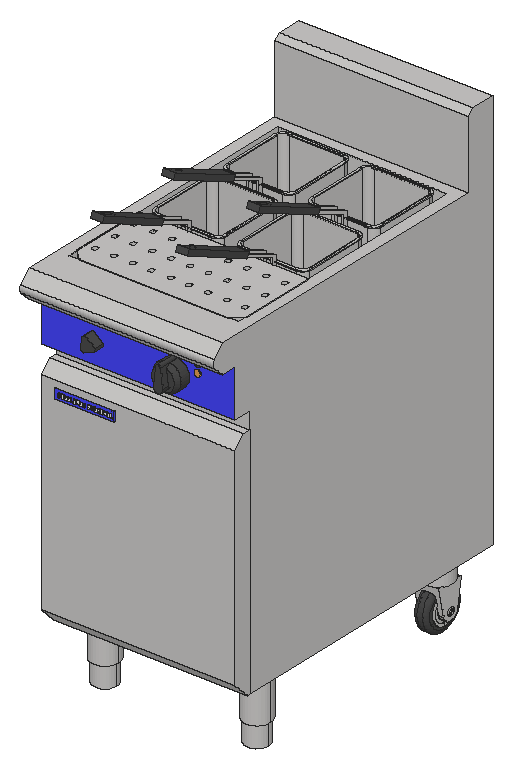
Revit family "QF_MOFFAT_BLUESEAL_AU_E47", category Specialty Equipment, Revit 2012
Parameters
  Weight in Pounds = 172
  Watts = 10500 W
  Waste Water Discharge Temperature [instance] = -459.67 °F
  Volts = 400 V
  URL Cutsheet = "www.moffat.com"
  URL = "www.moffat.com"
  Type Mark [instance] = ""
  Status [instance] = ""
  Specification by User [instance] = ""
  Specification by Manufacturer = ""
  Show Logo [instance] = yes
  Show Clearance [instance] = yes
  Show Casters [instance] = yes
  Serial Number = ""
  Seismic Rating = ""
  SMACNA No = ""
  Revision Code [instance] = ""
  Plumbing Remarks = ""
  Plumbing Connection Type = ""
  Phase = 3
  Omniclass Number and Title = ""
  Number of Poles [instance] = 1
  NAFEM Spec ID Number = ""
  Model = "E47"
  Min Ckt Ampacity = 0 A
  Max Overcurrent Protection = 0 A
  Masterspec = ""
  Manufacturer = "MOFFAT BLUESEAL"
  Legs [instance] = not(Show Casters)  # no
  Item Number [instance] = ""
  Installed By [instance] = ""
  Indirect Waste Size = 1"
  Indirect Waste Flow [instance] = 0 GPM
  Indirect Waste Connection Type = ""
  Indirect Waste Connection Height = 0 mm
  Identify Quantity as Lot [instance] = yes
  HP = ""
  Furnished By [instance] = ""
  Foodservice Equipment Identifier [instance] = yes
  FL Amps = 14.6 A
  Electrical Remarks [instance] = "14.6A PER PHASE"
  Electric Connection Type [instance] = ""
  Elec Conn RI Height [instance] = 0 mm
  Elec Conn Connection Height [instance] = 0 mm
  Description = "450MM ELECTRIC PASTA COOKER SINGLE PAN"
  Cycle = 50 Hz
  Conn Plug = ""
  Conn Conduit = yes
  Cold Water Temperature Recommended [instance] = -459.67 °F
  Cold Water Size = 1/2"
  Cold Water RI Height [instance] = 0 mm
  Cold Water Minimum Pressure = 0.00 psi
  Cold Water Maximum Pressure = 0.00 psi
  Cold Water Flow [instance] = 0 GPM
  Cold Water Consumption = ""
  Cold Water Connection Height = 0 mm
  CSI MasterFormat = ""
  CSI Master Format = ""
  Apparent Power = if(Phase = 3, Volts * FL Amps * 1.73, Volts * FL Amps)  # 10103.2 VA
Reference planes
  plane 1 "BACK": y = 0
  plane 2: z = 0
  plane 3 "LEFT": x = 0
  plane 4 "RIGHT": x = 450
  plane 5 "FRONT": y = -804.5
  plane 6 "TOP": z = 1085.5
  plane 7 "Center Y": x = 225
  plane 8 "Center X": y = -402.25
  plane 9: y = -470
  plane 10: x = 116
  plane 11: x = 49
  plane 12: y = -541
  plane 13: x = 92.16
  plane 14: y = -541
  plane 15: x = 180.045
  plane 16: y = -541
  plane 17: x = 224.495
  plane 18: y = -541
  plane 19: x = 267.312
  plane 20: y = -541
  plane 21: x = 355.197
  plane 22: y = -541
  plane 23: x = 398.358
  plane 24: y = -541
Forms (mm)
  Extrusion 1, solid, material "QF_Finishes_Stainless Steel"
    sketch origin (0, 0, 0) x (0, 1, 0) y (0, 0, 1)
      loop
        line (-705, 150) -> (0, 150) -> (0, 1085.5) -> (-57, 1085.5) -> (-70, 1072.5) -> (-70, 915) -> (-783.97, 915) -> (-808.485, 890.485)
        arc (-808.485, 890.485) -> (-811.999, 882) -> (-808.485, 873.515) r 12
        line (-808.485, 873.515) -> (-784.97, 850) -> (-749, 850) -> (-749, 740) -> (-705, 740) -> (-705, 150)
    from 0 to 450
  Extrusion 2, solid, material "QF_Finishes_Stainless Steel"
    sketch origin (0, 0, 0) x (0, 1, 0) y (0, 0, 1)
      loop
        line (-749, 676) -> (-749, 186) -> (-713, 150) -> (-705, 150) -> (-705, 700) -> (-725, 700) -> (-749, 676)
    from 0 to 450
  Revolve 3, solid, material "QF_Finishes_Stainless Steel"
    sketch origin (-16.8, -625, 0) x (1, 0, 0) y (0, 0, 1)
      loop
        line (65, 0) -> (65, 150) -> (33.25, 150) -> (33.25, 50) -> (37.5, 50) -> (37.5, 0) -> (65, 0)
      axis (65, 0) -> (65, 150)
    angle from 0 to 360
  Revolve 4, solid, material "QF_Finishes_Stainless Steel"
    sketch origin (466.8, -625, 0) x (-1, 0, 0) y (0, 0, 1)
      loop
        line (65, 0) -> (65, 150) -> (33.25, 150) -> (33.25, 50) -> (37.5, 50) -> (37.5, 0) -> (65, 0)
      axis (65, 0) -> (65, 150)
    angle from 0 to 360
  Revolve 5, solid, material "QF_Finishes_Stainless Steel", visible <- "Legs"
    sketch origin (401.8, -166, 0) x (0, 1, 0) y (0, 0, -1)
      loop
        line (34.25, -150) -> (66, -150) -> (66, 0) -> (38.5, 0) -> (38.5, -50) -> (34.25, -50) -> (34.25, -150)
      axis (66, -150) -> (66, 0)
    angle from 0 to 360
  Revolve 6, solid, material "QF_Finishes_Stainless Steel", visible <- "Show Casters"
    sketch origin (451.024, -100.755, -12.8) x (-1, 0, 0) y (0, 0, -1)
      loop
        line (14.841, -63.604) -> (14.841, -67.109) -> (16.111, -68.379) -> (17.635, -68.379) -> (17.635, -71.826) -> (29.782, -71.826) -> (29.782, -81.871) -> (33.352, -83.932) -> (34.687, -92.179) -> (32.544, -92.179) -> (32.544, -98.529) -> (33.338, -98.529) -> (33.338, -104.879)
        arc (33.338, -104.879) -> (36.127, -111.614) -> (42.863, -114.404) r 9.525
        line (42.863, -114.404) -> (55.563, -114.404)
        arc (55.563, -114.404) -> (62.298, -111.614) -> (65.088, -104.879) r 9.525
        line (65.088, -104.879) -> (65.088, -98.529) -> (65.881, -98.529) -> (65.881, -92.179) -> (63.738, -92.179) -> (65.088, -83.843) -> (68.644, -81.79) -> (68.644, -71.826) -> (80.79, -71.826) -> (80.79, -68.379) -> (82.314, -68.379) -> (83.584, -67.109) -> (83.584, -63.604) -> (14.841, -63.604)
      axis (14.841, -63.604) -> (83.584, -63.604)
    angle from 0 to 360
  Extrusion 7, solid, material "QF_Finishes_Stainless Steel", visible <- "Show Casters"
    sketch origin (395.299, 132.353, -8.783) x (0, 1, 0) y (0, 0, -1)
      loop
        line (-200.603, -118.783) -> (-212.959, -53.895)
        arc (-212.959, -53.895) -> (-232.353, -38.783) -> (-251.746, -53.895) r 20
        line (-251.746, -53.895) -> (-264.103, -118.783) -> (-200.603, -118.783)
    from -35.667 to 22.923
  Revolve 8, solid, material "QF_Finishes_Stainless Steel", visible <- "Show Casters"
    sketch origin (401.8, -204, 0) x (0, 1, 0) y (0, 0, -1)
      loop
        line (68.25, -150) -> (104, -150) -> (104, -110) -> (68.25, -110) -> (68.25, -150)
      axis (104, -150) -> (104, -110)
    angle from 0 to 360
  Revolve 9, solid, material "QF_Finishes_Stainless Steel", visible <- "Legs"
    sketch origin (401.8, -166, 0) x (0, 1, 0) y (0, 0, -1)
      loop
        line (34.25, -150) -> (66, -150) -> (66, 0) -> (38.5, 0) -> (38.5, -50) -> (34.25, -50) -> (34.25, -150)
      axis (66, -150) -> (66, 0)
    angle from 0 to 360
  Revolve 10, solid, material "QF_Finishes_Stainless Steel", visible <- "Legs"
    sketch origin (48.2, -166, 0) x (0, 1, 0) y (0, 0, -1)
      loop
        line (34.25, -150) -> (66, -150) -> (66, 0) -> (38.5, 0) -> (38.5, -50) -> (34.25, -50) -> (34.25, -150)
      axis (66, -150) -> (66, 0)
    angle from 0 to 360
  Revolve 11, solid, material "QF_Finishes_Stainless Steel", visible <- "Show Casters"
    sketch origin (97.424, -100.755, -12.8) x (-1, 0, 0) y (0, 0, -1)
      loop
        line (14.841, -63.604) -> (14.841, -67.109) -> (16.111, -68.379) -> (17.635, -68.379) -> (17.635, -71.826) -> (29.782, -71.826) -> (29.782, -81.871) -> (33.352, -83.932) -> (34.687, -92.179) -> (32.544, -92.179) -> (32.544, -98.529) -> (33.338, -98.529) -> (33.338, -104.879)
        arc (33.338, -104.879) -> (36.127, -111.614) -> (42.863, -114.404) r 9.525
        line (42.863, -114.404) -> (55.563, -114.404)
        arc (55.563, -114.404) -> (62.298, -111.614) -> (65.088, -104.879) r 9.525
        line (65.088, -104.879) -> (65.088, -98.529) -> (65.881, -98.529) -> (65.881, -92.179) -> (63.738, -92.179) -> (65.088, -83.843) -> (68.644, -81.79) -> (68.644, -71.826) -> (80.79, -71.826) -> (80.79, -68.379) -> (82.314, -68.379) -> (83.584, -67.109) -> (83.584, -63.604) -> (14.841, -63.604)
      axis (14.841, -63.604) -> (83.584, -63.604)
    angle from 0 to 360
  Extrusion 12, solid, material "QF_Finishes_Stainless Steel", visible <- "Show Casters"
    sketch origin (41.699, 132.353, -8.783) x (0, 1, 0) y (0, 0, -1)
      loop
        line (-200.603, -118.783) -> (-212.959, -53.895)
        arc (-212.959, -53.895) -> (-232.353, -38.783) -> (-251.746, -53.895) r 20
        line (-251.746, -53.895) -> (-264.103, -118.783) -> (-200.603, -118.783)
    from -35.667 to 22.923
  Revolve 13, solid, material "QF_Finishes_Stainless Steel", visible <- "Show Casters"
    sketch origin (48.2, -204, 0) x (0, 1, 0) y (0, 0, -1)
      loop
        line (68.25, -150) -> (104, -150) -> (104, -110) -> (68.25, -110) -> (68.25, -150)
      axis (104, -150) -> (104, -110)
    angle from 0 to 360
  Revolve 14, solid, material "QF_Finishes_Stainless Steel", visible <- "Legs"
    sketch origin (48.2, -166, 0) x (0, 1, 0) y (0, 0, -1)
      loop
        line (34.25, -150) -> (66, -150) -> (66, 0) -> (38.5, 0) -> (38.5, -50) -> (34.25, -50) -> (34.25, -150)
      axis (66, -150) -> (66, 0)
    angle from 0 to 360
  Extrusion 15, solid, material "QF_Finishes_Orange"
    sketch origin (-661.662, -749, 852.5) x (0, 0, -1) y (1, 0, 0)
      loop
        circle (45.2, 1025.121) r 7.15
    from 0 to 1
  Revolve 16, solid, material "QF_Finishes_Black"
    sketch origin (318.453, 7, 760.3) x (0, 1, 0) y (0, 0, -1)
      loop
        line (-789, -69.5) -> (-766, -69.5) -> (-766, -42) -> (-756, -42) -> (-756, -37) -> (-800, -37) -> (-800, -63.651) -> (-789, -69.5)
      axis (-800, -37) -> (-756, -37)
    angle from 0 to 360
  Extrusion 17, solid, material "QF_Finishes_Black"
    sketch origin (456.723, 0, 760.458) x (-1, 0, 0) y (0, 0, -1)
      loop
        line (127.85, -26.064) -> (133.27, -68.983)
        arc (133.27, -68.983) -> (138.269, -73.87) -> (143.267, -68.983) r 5
        line (143.267, -68.983) -> (148.756, -24.898)
        arc (148.756, -24.898) -> (137.684, -14.399) -> (127.85, -26.064) r 10.487
    from 759 to 808
  Extrusion 18, solid, material "QF_Finishes_Black"
    sketch origin (-661.662, -749, 852.5) x (0, 0, -1) y (1, 0, 0)
      loop
        circle (25.2, 1025.121) r 7.15
    from 0 to 1
  Extrusion 19, solid, material "QF_Finishes_Black"
    sketch origin (22.819, -759, 866) x (0, 0, -1) y (1, 0, 0)
      loop
        line (86.551, 101.927) -> (74.537, 128.133) -> (67.527, 128.793) -> (50.134, 105.178) -> (53.346, 98.172) -> (81.813, 95.495) -> (86.551, 101.927)
    from 0 to 23
  Extrusion 20, void
    sketch origin (0, 0, 0) x (0, 1, 0) y (0, 0, 1)
      loop
        line (-95.5, 915) -> (-705, 915) -> (-705, 747.948) -> (-95.5, 747.948) -> (-95.5, 915)
    from 27.4 to 422.6
  Extrusion 21, solid, material "QF_Finishes_Stainless Steel"
    sketch origin (0, -783.97, 439.117) x (0, 1, 0) y (-1, 0, 0)
      loop
        circle (358.942, -392) r 6.35
    from -3.49 to 1.588
  Extrusion 22, solid, material "QF_Finishes_Stainless Steel"
    sketch origin (0, 0, 0) x (1, 0, 0) y (0, 1, 0)
      loop
        circle (116, -470) r 10
    from 170 to 175
  Extrusion 23, solid, material "QF_Finishes_Stainless Steel"
    sketch origin (0, 0, 150) x (-1, 0, 0) y (0, 1, 0)
      loop
        circle (-49, -541) r 6.35
    from 0 to 1.588
  Extrusion 24, solid, material "QF_Finishes_Stainless Steel"
    sketch origin (43.16, 0, 150) x (-1, 0, 0) y (0, 1, 0)
      loop
        circle (-49, -541) r 6.35
    from 0 to 1.588
  Extrusion 25, solid, material "QF_Finishes_Stainless Steel"
    sketch origin (131.045, 0, 150) x (-1, 0, 0) y (0, 1, 0)
      loop
        circle (-49, -541) r 6.35
    from 0 to 1.588
  Extrusion 26, solid, material "QF_Finishes_Stainless Steel"
    sketch origin (175.495, 0, 150) x (-1, 0, 0) y (0, 1, 0)
      loop
        circle (-49, -541) r 6.35
    from 0 to 1.588
  Extrusion 27, solid, material "QF_Finishes_Stainless Steel"
    sketch origin (218.312, 0, 150) x (-1, 0, 0) y (0, 1, 0)
      loop
        circle (-49, -541) r 6.35
    from 0 to 1.588
  Extrusion 28, solid, material "QF_Finishes_Stainless Steel"
    sketch origin (306.197, 0, 150) x (-1, 0, 0) y (0, 1, 0)
      loop
        circle (-49, -541) r 6.35
    from 0 to 1.588
  Extrusion 29, solid, material "QF_Finishes_Stainless Steel"
    sketch origin (349.358, 0, 150) x (-1, 0, 0) y (0, 1, 0)
      loop
        circle (-49, -541) r 6.35
    from 0 to 1.588
  Extrusion 30, solid, material "QF_Door-Drawer Clearances", visible <- "Show Clearance", detail levels coarse
    sketch origin (32.187, -710.65, 150) x (-1, 0, 0) y (0, 1, 0)
      loop
        line (32.187, -38.35) -> (-417.813, -38.35)
        arc (-417.813, -38.35) -> (-286.605, -360.107) -> (32.187, -498.361) r 460.122
        line (32.187, -498.361) -> (32.187, -38.35)
    from 0 to -550
  Extrusion 31, solid, material "QF_Finishes_Stainless Steel"
    sketch origin (0, 0, 0) x (1, 0, 0) y (0, 1, 0)
      loop
        line (422.6, -499.7) -> (27.4, -499.7) -> (27.4, -679.6) -> (52.8, -705) -> (397.2, -705) -> (422.6, -679.6) -> (422.6, -499.7)
    from 898.356 to 915
  Extrusion 32, void
    sketch origin (0, -692.812, 915) x (0, 1, 0) y (-1, 0, 0)
      loop
        circle (151.722, -50.321) r 6.35
      loop
        circle (94.572, -50.321) r 6.35
      loop
        circle (37.422, -50.321) r 6.35
      loop
        circle (151.722, -225.817) r 6.35
      loop
        circle (94.572, -225.817) r 6.35
      loop
        circle (37.422, -225.817) r 6.35
      loop
        circle (151.722, -181.367) r 6.35
      loop
        circle (94.572, -181.367) r 6.35
      loop
        circle (37.422, -181.367) r 6.35
      loop
        circle (151.722, -137.932) r 6.35
      loop
        circle (94.572, -137.932) r 6.35
      loop
        circle (37.422, -137.932) r 6.35
      loop
        circle (151.722, -93.482) r 6.35
      loop
        circle (94.572, -93.482) r 6.35
      loop
        circle (37.422, -93.482) r 6.35
      loop
        circle (151.722, -399.679) r 6.35
      loop
        circle (94.572, -399.679) r 6.35
      loop
        circle (37.422, -399.679) r 6.35
      loop
        circle (151.722, -268.633) r 6.35
      loop
        circle (94.572, -268.633) r 6.35
      loop
        circle (37.422, -268.633) r 6.35
      loop
        circle (151.722, -312.068) r 6.35
      loop
        circle (94.572, -312.068) r 6.35
      loop
        circle (37.422, -312.068) r 6.35
      loop
        circle (151.722, -356.518) r 6.35
      loop
        circle (94.572, -356.518) r 6.35
      loop
        circle (37.422, -356.518) r 6.35
    from -24.435 to 1.588
Cuts and joins
  Extrusion 20 cuts Extrusion 1
  Extrusion 32 cuts Extrusion 31
Lines and regions (mm)
  symbolic lines
    curve 1: line (0, 0, 915) -> (450, 0, 915)
    curve 2: line (0, -804.5, 915) -> (0, 0, 915)
    curve 3: line (450, -804.5, 915) -> (0, -804.5, 915)
    curve 4: line (450, 0, 915) -> (450, -804.5, 915)
    curve 5: line (0, -783.97, 915) -> (450, -783.97, 915)
    curve 6: line (27.4, -95.5, 915) -> (422.6, -95.5, 915)
    curve 7: line (422.6, -95.5, 915) -> (422.6, -705, 915)
    curve 8: line (422.6, -705, 915) -> (27.4, -705, 915)
    curve 9: line (27.4, -705, 915) -> (27.4, -95.5, 915)
    curve 10: line (422.6, -499.7, 915) -> (27.4, -499.7, 915)
    curve 11: line (0, -57, 915) -> (450, -57, 915)
    curve 12: line (0, -70, 915) -> (450, -70, 915)
    curve 50: line (27.4, -679.6, 0) -> (52.8, -705, 0)
    curve 51: line (397.2, -705, 0) -> (422.6, -679.6, 0)
  symbolic lines, style "SpecialityEquipmentHiddenLines", visible <- "Show Casters"
    curve 13: line (106.952, -62.61, 0) -> (56.152, -150.598, 0)
    curve 14: line (79.456, -46.735, 0) -> (106.952, -62.61, 0)
    curve 15: line (28.656, -134.723, 0) -> (79.456, -46.735, 0)
    curve 16: line (56.152, -150.598, 0) -> (28.656, -134.723, 0)
    curve 17: line (431.952, -62.61, 0) -> (381.152, -150.598, 0)
    curve 18: line (404.456, -46.735, 0) -> (431.952, -62.61, 0)
    curve 19: line (353.656, -134.723, 0) -> (404.456, -46.735, 0)
    curve 20: line (381.152, -150.598, 0) -> (353.656, -134.723, 0)
  symbolic lines, style "QF_Door-Drawer Clearances"
    curve 21: arc (446.641, -804.5, 0) -> (427.109, -892.322, 0) -> (390.862, -974.664, 0) r 460.122
    curve 22: line (96.129, -804.5, 0) -> (390.862, -974.664, 0)
  symbolic lines, style "SpecialityEquipment"
    curve 23: circle (50.321, -541.09, 0) r 6.35 normal (0, 0, 1)
    curve 24: circle (50.321, -598.24, 0) r 6.35 normal (0, 0, 1)
    curve 25: circle (50.321, -655.39, 0) r 6.35 normal (0, 0, 1)
    curve 26: circle (225.817, -541.09, 0) r 6.35 normal (0, 0, 1)
    curve 27: circle (225.817, -598.24, 0) r 6.35 normal (0, 0, 1)
    curve 28: circle (225.817, -655.39, 0) r 6.35 normal (0, 0, 1)
    curve 29: circle (181.367, -541.09, 0) r 6.35 normal (0, 0, 1)
    curve 30: circle (181.367, -598.24, 0) r 6.35 normal (0, 0, 1)
    curve 31: circle (181.367, -655.39, 0) r 6.35 normal (0, 0, 1)
    curve 32: circle (137.932, -541.09, 0) r 6.35 normal (0, 0, 1)
    curve 33: circle (137.932, -598.24, 0) r 6.35 normal (0, 0, 1)
    curve 34: circle (137.932, -655.39, 0) r 6.35 normal (0, 0, 1)
    curve 35: circle (93.482, -541.09, 0) r 6.35 normal (0, 0, 1)
    curve 36: circle (93.482, -598.24, 0) r 6.35 normal (0, 0, 1)
    curve 37: circle (93.482, -655.39, 0) r 6.35 normal (0, 0, 1)
    curve 38: circle (399.679, -541.09, 0) r 6.35 normal (0, 0, -1)
    curve 39: circle (399.679, -598.24, 0) r 6.35 normal (0, 0, -1)
    curve 40: circle (399.679, -655.39, 0) r 6.35 normal (0, 0, -1)
    curve 41: circle (268.633, -541.09, 0) r 6.35 normal (0, 0, -1)
    curve 42: circle (268.633, -598.24, 0) r 6.35 normal (0, 0, -1)
    curve 43: circle (268.633, -655.39, 0) r 6.35 normal (0, 0, -1)
    curve 44: circle (312.068, -541.09, 0) r 6.35 normal (0, 0, -1)
    curve 45: circle (312.068, -598.24, 0) r 6.35 normal (0, 0, -1)
    curve 46: circle (312.068, -655.39, 0) r 6.35 normal (0, 0, -1)
    curve 47: circle (356.518, -541.09, 0) r 6.35 normal (0, 0, -1)
    curve 48: circle (356.518, -598.24, 0) r 6.35 normal (0, 0, -1)
    curve 49: circle (356.518, -655.39, 0) r 6.35 normal (0, 0, -1)
Dimensions and locks
  equal spacing: plane 3 "LEFT", plane 7 "Center Y", plane 4 "RIGHT"
  plane 3 "LEFT" to plane 4 "RIGHT" = 450 mm
  equal spacing: plane 5 "FRONT", plane 8 "Center X", plane 1 "BACK"
  plane 5 "FRONT" to plane 1 "BACK" = 804.5 mm
  Revolve 6 sketch curve to Revolve 6 sketch curve = 50.8 mm
  Revolve 11 sketch curve to Revolve 11 sketch curve = 50.8 mm
  plane 9 to plane 1 "BACK" = 470 mm
  plane 3 "LEFT" to plane 10 = 116 mm
  plane 3 "LEFT" to plane 11 = 49 mm
  plane 12 to plane 1 "BACK" = 541 mm
  Extrusion 21 sketch curve to plane 4 "RIGHT" = 58 mm
  aligned and locked: level to plane 2
  aligned and locked: Extrusion 2 to plane 4 "RIGHT"
  aligned and locked: Extrusion 1 to plane 4 "RIGHT"
Automatic sketch dimensions
  Extrusion 1 sketch curve to plane 6 "TOP" = 0 mm
  Extrusion 1 sketch curve to plane 1 "BACK" = 0 mm
  plane 1 "BACK" to Extrusion 1 sketch curve = 57 mm
  plane 1 "BACK" to Extrusion 1 sketch curve = 70 mm
  Extrusion 1 sketch curve to plane 5 "FRONT" = 99.5 mm
  Extrusion 1 sketch curve to plane 5 "FRONT" = 55.5 mm
  Extrusion 1 sketch curve to plane 5 "FRONT" = 20.53 mm
  Extrusion 1 sketch curve to plane 5 "FRONT" = 19.53 mm
  Extrusion 1 sketch curve to plane 5 "FRONT" = 4.501 mm
  plane 5 "FRONT" to Extrusion 1 sketch curve = 3.985 mm  (x2)
  Extrusion 1 sketch curve to plane 6 "TOP" = 13 mm
  Extrusion 1 sketch curve to plane 6 "TOP" = 170.5 mm
  Extrusion 1 sketch curve to Extrusion 1 sketch curve = 24.515 mm
  Extrusion 1 sketch curve to Extrusion 1 sketch curve = 8.485 mm
  Extrusion 1 sketch curve to Extrusion 1 sketch curve = 23.515 mm
  Extrusion 1 sketch curve to Extrusion 1 sketch curve = 110 mm
  level to Extrusion 1 sketch curve = 150 mm
  Extrusion 2 sketch curve to plane 5 "FRONT" = 55.5 mm
  Extrusion 2 sketch curve to Extrusion 2 sketch curve = 24 mm  (x2)
  Extrusion 2 sketch curve to Extrusion 2 sketch curve = 36 mm  (x2)
  Extrusion 2 sketch curve to Extrusion 2 sketch curve = 8 mm
  level to Extrusion 2 sketch curve = 150 mm
  Extrusion 2 sketch curve to plane 6 "TOP" = 409.5 mm
  Revolve 3 sketch curve to level = 0 mm
  plane 3 "LEFT" to Revolve 3 sketch curve = 16.45 mm
  Revolve 3 sketch curve to Revolve 3 sketch curve = 4.25 mm
  Revolve 3 sketch curve to Revolve 3 sketch curve = 31.75 mm
  Revolve 3 sketch curve to Revolve 3 sketch curve = 0 mm  (x2)
  Revolve 3 sketch curve to Revolve 3 sketch curve = 50 mm
  Revolve 3 sketch curve to Revolve 3 sketch curve = 100 mm
  Revolve 3 sketch curve to Revolve 3 sketch curve = 25 mm
  Revolve 5 sketch curve to level = 0 mm
  level to Revolve 5 sketch curve = 50 mm
  plane 1 "BACK" to Revolve 5 sketch curve = 131.75 mm
  Revolve 5 sketch curve to Revolve 5 sketch curve = 4.25 mm
  Revolve 5 sketch curve to Revolve 5 sketch curve = 27.5 mm  (x2)
  Revolve 5 sketch curve to Revolve 5 sketch curve = 100 mm
  Revolve 5 sketch curve to Revolve 5 sketch curve = 0 mm
  Revolve 5 sketch curve to Revolve 5 sketch curve = 55 mm
  plane 1 "BACK" to Extrusion 7 sketch curve = 131.75 mm
  level to Extrusion 7 sketch curve = 45.111 mm  (x2)
  Extrusion 7 sketch curve to Extrusion 7 sketch curve = 12.357 mm
  Extrusion 7 sketch curve to Extrusion 7 sketch curve = 19.393 mm
  Extrusion 7 sketch curve to Extrusion 7 sketch curve = 63.5 mm
  Extrusion 7 sketch curve to Extrusion 7 sketch curve = 4.889 mm
  Extrusion 7 sketch curve to Extrusion 7 sketch curve = 64.889 mm
  plane 1 "BACK" to Revolve 8 sketch curve = 135.75 mm
  plane 1 "BACK" to Revolve 8 sketch curve = 100 mm
  Revolve 8 sketch curve to Revolve 8 sketch curve = 35.75 mm
  level to Revolve 8 sketch curve = 150 mm
  Revolve 8 sketch curve to Revolve 8 sketch curve = 40 mm
  level to Revolve 8 sketch curve = 50 mm
  Revolve 8 sketch curve to level = 55 mm
  Revolve 9 sketch curve to level = 0 mm
  level to Revolve 9 sketch curve = 50 mm
  plane 1 "BACK" to Revolve 9 sketch curve = 131.75 mm
  Revolve 9 sketch curve to Revolve 9 sketch curve = 4.25 mm
  Revolve 9 sketch curve to Revolve 9 sketch curve = 27.5 mm  (x2)
  Revolve 9 sketch curve to Revolve 9 sketch curve = 100 mm
  Revolve 9 sketch curve to Revolve 9 sketch curve = 0 mm
  Revolve 9 sketch curve to Revolve 9 sketch curve = 55 mm
  Revolve 10 sketch curve to level = 0 mm
  level to Revolve 10 sketch curve = 50 mm
  plane 1 "BACK" to Revolve 10 sketch curve = 131.75 mm
  Revolve 10 sketch curve to Revolve 10 sketch curve = 4.25 mm
  Revolve 10 sketch curve to Revolve 10 sketch curve = 27.5 mm  (x2)
  Revolve 10 sketch curve to Revolve 10 sketch curve = 100 mm
  Revolve 10 sketch curve to Revolve 10 sketch curve = 0 mm
  Revolve 10 sketch curve to Revolve 10 sketch curve = 55 mm
  plane 3 "LEFT" to Revolve 11 sketch curve = 82.582 mm
  Revolve 11 sketch curve to Revolve 11 sketch curve = 1.27 mm  (x4)
  Revolve 11 sketch curve to Revolve 11 sketch curve = 1.524 mm  (x2)
  Revolve 11 sketch curve to Revolve 11 sketch curve = 12.146 mm  (x2)
  Revolve 11 sketch curve to Revolve 11 sketch curve = 2.762 mm
  Revolve 11 sketch curve to Revolve 11 sketch curve = 0.794 mm  (x2)
  Revolve 11 sketch curve to Revolve 11 sketch curve = 3.57 mm
  Revolve 11 sketch curve to Revolve 11 sketch curve = 2.143 mm
  Revolve 11 sketch curve to Revolve 11 sketch curve = 9.525 mm
  Revolve 11 sketch curve to Revolve 11 sketch curve = 24.572 mm
  Revolve 11 sketch curve to Revolve 11 sketch curve = 12.7 mm
  Revolve 11 sketch curve to Revolve 11 sketch curve = 8.176 mm
  Revolve 11 sketch curve to Revolve 11 sketch curve = 1.349 mm  (x2)
  Revolve 11 sketch curve to Revolve 11 sketch curve = 3.556 mm
  Revolve 11 sketch curve to plane 3 "LEFT" = 19.48 mm
  level to Revolve 11 sketch curve = 101.604 mm
  Revolve 11 sketch curve to Revolve 11 sketch curve = 6.35 mm  (x4)
  Revolve 11 sketch curve to Revolve 11 sketch curve = 8.247 mm
  Revolve 11 sketch curve to Revolve 11 sketch curve = 8.336 mm
  Revolve 11 sketch curve to Revolve 11 sketch curve = 2.061 mm
  Revolve 11 sketch curve to Revolve 11 sketch curve = 2.053 mm
  Revolve 11 sketch curve to Revolve 11 sketch curve = 10.045 mm
  Revolve 11 sketch curve to Revolve 11 sketch curve = 9.964 mm
  Revolve 11 sketch curve to Revolve 11 sketch curve = 3.447 mm  (x2)
  Revolve 11 sketch curve to Revolve 11 sketch curve = 3.505 mm
  plane 1 "BACK" to Extrusion 12 sketch curve = 131.75 mm
  level to Extrusion 12 sketch curve = 45.111 mm  (x2)
  Extrusion 12 sketch curve to Extrusion 12 sketch curve = 12.357 mm
  Extrusion 12 sketch curve to Extrusion 12 sketch curve = 19.393 mm
  Extrusion 12 sketch curve to Extrusion 12 sketch curve = 63.5 mm
  Extrusion 12 sketch curve to Extrusion 12 sketch curve = 4.889 mm
  Extrusion 12 sketch curve to Extrusion 12 sketch curve = 64.889 mm
  plane 1 "BACK" to Revolve 13 sketch curve = 135.75 mm
  plane 1 "BACK" to Revolve 13 sketch curve = 100 mm
  Revolve 13 sketch curve to Revolve 13 sketch curve = 35.75 mm
  level to Revolve 13 sketch curve = 150 mm
  Revolve 13 sketch curve to Revolve 13 sketch curve = 40 mm
  level to Revolve 13 sketch curve = 50 mm
  Revolve 13 sketch curve to level = 55 mm
  Revolve 14 sketch curve to level = 0 mm
  level to Revolve 14 sketch curve = 50 mm
  plane 1 "BACK" to Revolve 14 sketch curve = 131.75 mm
  Revolve 14 sketch curve to Revolve 14 sketch curve = 4.25 mm
  Revolve 14 sketch curve to Revolve 14 sketch curve = 27.5 mm  (x2)
  Revolve 14 sketch curve to Revolve 14 sketch curve = 100 mm
  Revolve 14 sketch curve to Revolve 14 sketch curve = 0 mm
  Revolve 14 sketch curve to Revolve 14 sketch curve = 55 mm
  Revolve 16 sketch curve to plane 5 "FRONT" = 11.5 mm
  Revolve 16 sketch curve to Revolve 16 sketch curve = 0 mm  (x2)
  Revolve 16 sketch curve to Revolve 16 sketch curve = 11 mm
  Revolve 16 sketch curve to Revolve 16 sketch curve = 12.7 mm
  Revolve 16 sketch curve to Revolve 16 sketch curve = 23 mm
  Revolve 16 sketch curve to Revolve 16 sketch curve = 10 mm
  Revolve 16 sketch curve to plane 6 "TOP" = 255.7 mm
  Revolve 16 sketch curve to Revolve 16 sketch curve = 5.849 mm
  Revolve 16 sketch curve to Revolve 16 sketch curve = 27.5 mm
  Revolve 16 sketch curve to Revolve 16 sketch curve = 5 mm
  plane 7 "Center Y" to Extrusion 17 sketch curve = 103.873 mm
  Extrusion 17 sketch curve to Extrusion 17 sketch curve = 5.421 mm
  Extrusion 17 sketch curve to Extrusion 17 sketch curve = 10.419 mm
  Extrusion 17 sketch curve to Extrusion 17 sketch curve = 4.999 mm  (x2)
  Extrusion 17 sketch curve to Extrusion 17 sketch curve = 10.487 mm
  Extrusion 17 sketch curve to plane 6 "TOP" = 256.059 mm
  Extrusion 17 sketch curve to Extrusion 17 sketch curve = 0.113 mm
  Extrusion 17 sketch curve to Extrusion 17 sketch curve = 42.919 mm
  Extrusion 17 sketch curve to Extrusion 17 sketch curve = 1.167 mm
  Extrusion 19 sketch curve to plane 7 "Center Y" = 97.003 mm
  Extrusion 19 sketch curve to plane 6 "TOP" = 269.634 mm
  Extrusion 19 sketch curve to plane 7 "Center Y" = 104.009 mm
  Extrusion 19 sketch curve to Extrusion 19 sketch curve = 3.212 mm
  Extrusion 19 sketch curve to plane 7 "Center Y" = 73.388 mm
  Extrusion 19 sketch curve to Extrusion 19 sketch curve = 17.393 mm
  Extrusion 19 sketch curve to plane 7 "Center Y" = 74.048 mm
  Extrusion 19 sketch curve to Extrusion 19 sketch curve = 7.011 mm
  Extrusion 19 sketch curve to plane 7 "Center Y" = 106.686 mm
  Extrusion 19 sketch curve to Extrusion 19 sketch curve = 28.467 mm
  Extrusion 19 sketch curve to plane 7 "Center Y" = 100.254 mm
  Extrusion 19 sketch curve to Extrusion 19 sketch curve = 4.738 mm
  plane 1 "BACK" to Extrusion 20 sketch curve = 95.5 mm
  Extrusion 20 sketch curve to plane 6 "TOP" = 337.552 mm
  Extrusion 20 sketch curve to Extrusion 20 sketch curve = 167.052 mm
  Extrusion 22 sketch curve to plane 9 = 0 mm
  Extrusion 22 sketch curve to plane 10 = 0 mm
  plane 3 "LEFT" to curve 15 = 28.656 mm
  curve 15 to curve 16 = 27.496 mm
  plane 3 "LEFT" to curve 15 = 79.456 mm
  plane 4 "RIGHT" to curve 20 = 96.344 mm
  curve 19 to curve 20 = 27.496 mm
  plane 4 "RIGHT" to curve 19 = 45.544 mm
  plane 1 "BACK" to curve 13 = 150.598 mm
  plane 1 "BACK" to curve 20 = 150.598 mm
  curve 20 to curve 19 = 15.875 mm
  curve 13 to curve 15 = 15.875 mm
  Revolve 4 sketch curve to level = 0 mm
  Revolve 4 sketch curve to plane 4 "RIGHT" = 16.45 mm
  Revolve 4 sketch curve to Revolve 4 sketch curve = 4.25 mm
  Revolve 4 sketch curve to Revolve 4 sketch curve = 31.75 mm
  Revolve 4 sketch curve to Revolve 4 sketch curve = 0 mm  (x2)
  Revolve 4 sketch curve to Revolve 4 sketch curve = 50 mm
  Revolve 4 sketch curve to Revolve 4 sketch curve = 100 mm
  Revolve 4 sketch curve to Revolve 4 sketch curve = 25 mm
  plane 4 "RIGHT" to Revolve 6 sketch curve = 13.818 mm
  Revolve 6 sketch curve to Revolve 6 sketch curve = 1.27 mm  (x4)
  Revolve 6 sketch curve to Revolve 6 sketch curve = 1.524 mm  (x2)
  Revolve 6 sketch curve to Revolve 6 sketch curve = 12.146 mm  (x2)
  Revolve 6 sketch curve to Revolve 6 sketch curve = 2.762 mm
  Revolve 6 sketch curve to Revolve 6 sketch curve = 0.794 mm  (x2)
  Revolve 6 sketch curve to Revolve 6 sketch curve = 3.57 mm
  Revolve 6 sketch curve to Revolve 6 sketch curve = 2.143 mm
  Revolve 6 sketch curve to Revolve 6 sketch curve = 9.525 mm
  Revolve 6 sketch curve to Revolve 6 sketch curve = 24.572 mm
  Revolve 6 sketch curve to Revolve 6 sketch curve = 12.7 mm
  Revolve 6 sketch curve to Revolve 6 sketch curve = 8.176 mm
  Revolve 6 sketch curve to Revolve 6 sketch curve = 1.349 mm  (x2)
  Revolve 6 sketch curve to Revolve 6 sketch curve = 3.556 mm
  Revolve 6 sketch curve to Revolve 6 sketch curve = 33.32 mm
  level to Revolve 6 sketch curve = 101.604 mm
  Revolve 6 sketch curve to Revolve 6 sketch curve = 6.35 mm  (x4)
  Revolve 6 sketch curve to Revolve 6 sketch curve = 8.247 mm
  Revolve 6 sketch curve to Revolve 6 sketch curve = 8.336 mm
  Revolve 6 sketch curve to Revolve 6 sketch curve = 2.061 mm
  Revolve 6 sketch curve to Revolve 6 sketch curve = 2.053 mm
  Revolve 6 sketch curve to Revolve 6 sketch curve = 10.045 mm
  Revolve 6 sketch curve to Revolve 6 sketch curve = 9.964 mm
  Revolve 6 sketch curve to Revolve 6 sketch curve = 3.447 mm  (x2)
  Revolve 6 sketch curve to Revolve 6 sketch curve = 3.505 mm
  plane 4 "RIGHT" to Extrusion 15 sketch curve = 86.542 mm
  Extrusion 15 sketch curve to plane 6 "TOP" = 278.2 mm
  plane 4 "RIGHT" to Extrusion 18 sketch curve = 86.542 mm
  Extrusion 18 sketch curve to plane 6 "TOP" = 258.2 mm
  Extrusion 21 sketch curve to plane 8 "Center X" = 22.778 mm
  Extrusion 23 sketch curve to Extrusion 2 = 49 mm
  Extrusion 23 sketch curve to Extrusion 2 = 164 mm
  curve 4 to Extrusion 1 = 0 mm
  curve 2 to Extrusion 1 = 0 mm
  curve 5 to Extrusion 1 = 0 mm
  curve 12 to Extrusion 1 = 0 mm
  Extrusion 1 to curve 3 = 20.53 mm
  Extrusion 1 to curve 8 = 27.4 mm
  curve 8 to Extrusion 1 = 78.97 mm
  Extrusion 1 to curve 6 = 25.5 mm
  curve 11 to Extrusion 1 = 13 mm
  curve 11 to curve 2 = 57 mm
  Extrusion 1 to curve 7 = 27.4 mm
  Extrusion 24 sketch curve to Extrusion 2 = 92.16 mm
  Extrusion 24 sketch curve to Extrusion 2 = 164 mm
  Extrusion 25 sketch curve to Extrusion 2 = 180.045 mm
  Extrusion 25 sketch curve to Extrusion 2 = 164 mm
  Extrusion 26 sketch curve to Extrusion 2 = 224.495 mm
  Extrusion 26 sketch curve to Extrusion 2 = 164 mm
  Extrusion 27 sketch curve to Extrusion 2 = 182.688 mm
  Extrusion 27 sketch curve to Extrusion 2 = 164 mm
  Extrusion 28 sketch curve to Extrusion 2 = 94.803 mm
  Extrusion 28 sketch curve to Extrusion 2 = 164 mm
  Extrusion 29 sketch curve to Extrusion 2 = 51.642 mm
  Extrusion 29 sketch curve to Extrusion 2 = 164 mm
  curve 21 to plane 3 "LEFT" = 10.122 mm
  plane 5 "FRONT" to curve 22 = 0 mm
  plane 3 "LEFT" to curve 22 = 96.129 mm
  plane 4 "RIGHT" to curve 21 = 59.138 mm
  plane 4 "RIGHT" to curve 21 = 3.359 mm
  plane 5 "FRONT" to curve 22 = 170.164 mm
  plane 5 "FRONT" to curve 21 = 0 mm
  Extrusion 30 sketch curve to plane 4 "RIGHT" = 0 mm
  Extrusion 30 sketch curve to plane 3 "LEFT" = 0 mm
  Extrusion 30 sketch curve to plane 3 "LEFT" = 10.122 mm
  Extrusion 30 sketch curve to plane 5 "FRONT" = 55.5 mm
  Extrusion 20 sketch curve to plane 5 "FRONT" = 99.5 mm
  curve 7 to curve 10 = 205.3 mm
  plane 3 "LEFT" to curve 50 = 27.4 mm
  plane 3 "LEFT" to curve 24 = 50.321 mm
  plane 3 "LEFT" to curve 23 = 50.321 mm
  curve 50 to curve 25 = 22.921 mm
  curve 50 to curve 50 = 25.4 mm  (x2)
  curve 23 to curve 35 = 43.16 mm
  curve 24 to curve 36 = 43.16 mm
  curve 25 to curve 37 = 43.16 mm
  curve 36 to curve 33 = 44.45 mm
  curve 37 to curve 34 = 44.45 mm
  curve 35 to curve 32 = 44.45 mm
  curve 32 to curve 29 = 43.435 mm
  curve 34 to curve 31 = 43.435 mm
  curve 33 to curve 30 = 43.435 mm
  plane 7 "Center Y" to curve 26 = 0.817 mm
  plane 7 "Center Y" to curve 27 = 0.817 mm
  plane 7 "Center Y" to curve 28 = 0.817 mm
  curve 26 to curve 41 = 42.817 mm
  curve 27 to curve 42 = 42.817 mm
  curve 28 to curve 43 = 42.817 mm
  curve 41 to curve 44 = 43.435 mm
  curve 42 to curve 45 = 43.435 mm
  curve 43 to curve 46 = 43.435 mm
  curve 45 to curve 48 = 44.45 mm
  curve 46 to curve 49 = 44.45 mm
  curve 44 to curve 47 = 44.45 mm
  plane 4 "RIGHT" to curve 51 = 52.8 mm
  curve 47 to curve 38 = 43.16 mm
  curve 48 to curve 39 = 43.16 mm
  curve 49 to curve 40 = 43.16 mm
  plane 4 "RIGHT" to curve 51 = 27.4 mm
  curve 21 to curve 50 = 44 mm
  curve 51 to plane 5 "FRONT" = 99.5 mm
  curve 51 to curve 51 = 25.4 mm
  curve 50 to curve 37 = 49.61 mm
  curve 37 to curve 31 = 0 mm
  curve 31 to curve 28 = 0 mm
  curve 50 to curve 25 = 24.21 mm
  curve 51 to curve 40 = 24.21 mm
  curve 28 to curve 43 = 0 mm
  curve 43 to curve 46 = 0 mm
  curve 49 to curve 40 = 0 mm
  curve 34 to curve 31 = 0 mm
  curve 49 to curve 48 = 57.15 mm
  curve 43 to curve 42 = 57.15 mm
  curve 48 to curve 39 = 0 mm
  curve 34 to curve 33 = 57.15 mm
  curve 25 to curve 24 = 57.15 mm
  curve 33 to curve 30 = 0 mm
  curve 42 to curve 45 = 0 mm
  curve 27 to curve 42 = 0 mm
  curve 24 to curve 36 = 0 mm
  curve 30 to curve 29 = 57.15 mm
  curve 48 to curve 47 = 57.15 mm
  curve 44 to curve 47 = 0 mm
  curve 32 to curve 29 = 0 mm
  curve 24 to curve 23 = 57.15 mm
  curve 47 to curve 38 = 0 mm
  curve 23 to curve 35 = 0 mm
  curve 29 to curve 26 = 0 mm
  curve 26 to curve 41 = 0 mm
  plane 3 "LEFT" to Extrusion 31 sketch curve = 27.4 mm
  Extrusion 31 sketch curve to Extrusion 31 sketch curve = 25.4 mm  (x3)
  plane 4 "RIGHT" to Extrusion 31 sketch curve = 52.8 mm
  plane 4 "RIGHT" to Extrusion 31 sketch curve = 27.4 mm
  Extrusion 31 sketch curve to plane 5 "FRONT" = 99.5 mm
  Extrusion 31 sketch curve to plane 9 = 29.7 mm
  Extrusion 32 sketch curve to plane 5 "FRONT" = 149.11 mm  (x2)
  Extrusion 32 sketch curve to Extrusion 32 sketch curve = 0 mm  (x20)
  plane 7 "Center Y" to Extrusion 32 sketch curve = 43.633 mm
  plane 7 "Center Y" to Extrusion 32 sketch curve = 0.817 mm  (x3)
  Extrusion 32 sketch curve to Extrusion 32 sketch curve = 57.15 mm  (x5)
  Extrusion 32 sketch curve to Extrusion 32 sketch curve = 42.817 mm  (x2)
  Extrusion 32 sketch curve to Extrusion 32 sketch curve = 43.435 mm  (x6)
  Extrusion 32 sketch curve to Extrusion 32 sketch curve = 44.45 mm  (x6)
  Extrusion 32 sketch curve to Extrusion 32 sketch curve = 43.16 mm  (x6)
  Extrusion 32 sketch curve to plane 7 "Center Y" = 43.633 mm  (x3)
  radius of Extrusion 22 sketch curve = 10 mm
  radius of Extrusion 15 sketch curve = 7.15 mm
  radius of Extrusion 18 sketch curve = 7.15 mm
  radius of Extrusion 21 sketch curve = 6.35 mm
  radius of Extrusion 23 sketch curve = 6.35 mm
  radius of Extrusion 24 sketch curve = 6.35 mm
  radius of Extrusion 25 sketch curve = 6.35 mm
  radius of Extrusion 26 sketch curve = 6.35 mm
  radius of Extrusion 27 sketch curve = 6.35 mm
  radius of Extrusion 28 sketch curve = 6.35 mm
  radius of Extrusion 29 sketch curve = 6.35 mm
  radius of curve 23 = 6.35 mm
  radius of curve 24 = 6.35 mm
  radius of curve 25 = 6.35 mm
  radius of curve 26 = 6.35 mm
  radius of curve 27 = 6.35 mm
  radius of curve 28 = 6.35 mm
  radius of curve 29 = 6.35 mm
  radius of curve 30 = 6.35 mm
  radius of curve 31 = 6.35 mm
  radius of curve 32 = 6.35 mm
  radius of curve 33 = 6.35 mm
  radius of curve 34 = 6.35 mm
  radius of curve 35 = 6.35 mm
  radius of curve 36 = 6.35 mm
  radius of curve 37 = 6.35 mm
  radius of curve 38 = 6.35 mm
  radius of curve 39 = 6.35 mm
  radius of curve 40 = 6.35 mm
  radius of curve 41 = 6.35 mm
  radius of curve 42 = 6.35 mm
  radius of curve 43 = 6.35 mm
  radius of curve 44 = 6.35 mm
  radius of curve 45 = 6.35 mm
  radius of curve 46 = 6.35 mm
  radius of curve 47 = 6.35 mm
  radius of curve 48 = 6.35 mm
  radius of curve 49 = 6.35 mm
  radius of Extrusion 32 sketch curve = 6.35 mm  (x27)
Nested families
  nested 1: "WALDORF LOGO_FACE BASE" at (32, -749, 660.385) x (1, 0, 0) z (0, -1, 0), visible <- "Show Logo", type "WALDORF LOGO_FACE BASE", detail levels medium+fine
    with Show Logo yes
  nested 2: "PASTA COOKER BASKET" at (241.4, -105.75, 754.625), type "PASTA COOKER BASKET"
    with Width 165 mm, Type Mark "", Status "", Specification by User "", Show Rectangular Basket no, Revision Code "", Item Number "", Installed By "", Identify Quantity as Lot yes, Furnished By "", Foodservice Equipment Identifier yes, Deep 180 mm
  nested 3: "PASTA COOKER BASKET" at (241.4, -312.125, 754.625), type "PASTA COOKER BASKET"
    with Width 165 mm, Type Mark "", Status "", Specification by User "", Show Rectangular Basket no, Revision Code "", Item Number "", Installed By "", Identify Quantity as Lot yes, Furnished By "", Foodservice Equipment Identifier yes, Deep 180 mm
  nested 4: "PASTA COOKER BASKET" at (208.6, -105.75, 754.625) x (-1, 0, 0) z (0, 0, 1), type "PASTA COOKER BASKET"
    with Width 165 mm, Type Mark "", Status "", Specification by User "", Show Rectangular Basket no, Revision Code "", Item Number "", Installed By "", Identify Quantity as Lot yes, Furnished By "", Foodservice Equipment Identifier yes, Deep 180 mm
  nested 5: "PASTA COOKER BASKET" at (208.6, -312.125, 754.625) x (-1, 0, 0) z (0, 0, 1), type "PASTA COOKER BASKET"
    with Width 165 mm, Type Mark "", Status "", Specification by User "", Show Rectangular Basket no, Revision Code "", Item Number "", Installed By "", Identify Quantity as Lot yes, Furnished By "", Foodservice Equipment Identifier yes, Deep 180 mm
Connectors
  electrical at (392, -425.028, 440.705), driven by "Volts", driven by "Watts"
    settings: on Extrusion 21, index 1, voltage 400 V, apparent load 10500 VA, apparent load phase1 0 VA, apparent load phase2 0 VA, apparent load phase3 0 VA, power factor 1, load classification "Other", number of poles 1, system type 30, power factor state 1, is connector primary yes, connector utility no, sub classification motor no, connector description "ELECTRICAL CONNECTION"
  piping at (116, -470, 170)
    settings: on Extrusion 22, index 2, connector radius 1/2", flow factor 0, pipe flow 0 GPM, pressure drop 0.00 psi, fitting loss kfactor 0, connector angle 0.00°, fixture units 0, engagement length 0 mm, flow configuration 1, flow direction 2, fitting loss method 0, system type 16, joint type 0, gender type 0, connector reference index -1, connector utility 0, adjustable connector no, is connector primary yes, fitting loss table "", connector description "DRAIN"
  piping at (49, -541, 148.413)
    settings: on Extrusion 23, index 3, connector radius 0.25197", flow factor 0, pipe flow 0 GPM, pressure drop 0.00 psi, fitting loss kfactor 0, connector angle 0.00°, fixture units 0, engagement length 0 mm, flow configuration 1, flow direction 1, fitting loss method 0, system type 20, joint type 0, gender type 0, connector reference index -1, connector utility 0, adjustable connector no, is connector primary no, fitting loss table "", connector description "WATER INLET"
Definition of nested family "WALDORF LOGO_FACE BASE"
  Parameters (values of type "WALDORF LOGO_FACE BASE")
    Show Logo [instance] = yes
    Default Elevation = 1219.2 mm
  Reference planes
    plane 1 "Center (Front/Back)": y = 0
    plane 2: z = 0
    plane 3 "Center (Left/Right)": x = 0
  Forms (mm)
    Extrusion 1, solid
      sketch origin (0, 0, 0) x (1, 0, 0) y (0, 1, 0)
        loop
          line (-1219.2, 1219.2) -> (-1219.2, -1219.2) -> (1219.2, -1219.2) -> (1219.2, 1219.2) -> (-1219.2, 1219.2)
      from 0 to -304.8
    Extrusion 2, solid, material "QF_Finishes_Blue", visible <- "Show Logo"
      sketch origin (0, -33.217, 0) x (1, 0, 0) y (0, 1, 0)
        loop
          arc (138, 31.942) -> (137.626, 32.844) -> (136.724, 33.217) r 1.276
          line (136.724, 33.217) -> (1.29, 33.217)
          arc (1.29, 33.217) -> (0.378, 32.839) -> (0, 31.927) r 1.29
          line (0, 31.927) -> (0, 11.507)
          arc (0, 11.507) -> (0.378, 10.595) -> (1.29, 10.217) r 1.29
          line (1.29, 10.217) -> (136.71, 10.217)
          arc (136.71, 10.217) -> (137.622, 10.595) -> (138, 11.507) r 1.29
          line (138, 11.507) -> (138, 31.942)
      from 0 to 1.588
    Extrusion 3, solid, material "QF_Finishes_White", visible <- "Show Logo"
      sketch origin (0, -33.217, 1.588) x (1, 0, 0) y (0, 1, 0)
        loop
          arc (108.946, 25.919) -> (107.613, 25.367) -> (107.061, 24.034) r 1.885
          line (107.061, 24.034) -> (107.061, 17.211) -> (112.704, 17.211) -> (112.704, 19.129) -> (115.546, 19.129) -> (115.546, 17.211) -> (121.584, 17.211) -> (121.584, 24.075)
          arc (121.584, 24.075) -> (121.043, 25.379) -> (119.739, 25.919) r 1.845
          line (119.739, 25.919) -> (108.946, 25.919)
        loop
          line (123.478, 25.919) -> (123.478, 17.163) -> (134.904, 17.163) -> (134.904, 19.129) -> (129.246, 19.129) -> (129.246, 25.919) -> (123.478, 25.919)
        loop
          line (112.704, 21.258) -> (115.546, 21.258) -> (115.546, 22.702)
          arc (115.546, 22.702) -> (115.344, 23.188) -> (114.858, 23.389) r 0.687
          line (114.858, 23.389) -> (113.363, 23.389)
          arc (113.363, 23.389) -> (112.897, 23.196) -> (112.704, 22.73) r 0.658
          line (112.704, 22.73) -> (112.704, 21.258)
        loop
          line (105.071, 25.919) -> (93.771, 25.919) -> (93.771, 17.163) -> (105.071, 17.163) -> (105.071, 19.063) -> (99.535, 19.063) -> (99.535, 20.437) -> (105.071, 20.437) -> (105.071, 22.278) -> (99.535, 22.278) -> (99.535, 23.587) -> (105.071, 23.587) -> (105.071, 25.919)
        loop
          line (91.104, 25.919) -> (79.541, 25.919)
          arc (79.541, 25.919) -> (78.558, 25.513) -> (78.152, 24.53) r 1.389
          line (78.152, 24.53) -> (78.152, 22.08)
          arc (78.152, 22.08) -> (78.558, 21.098) -> (79.541, 20.691) r 1.389
          line (79.541, 20.691) -> (86.346, 20.691) -> (86.346, 18.864) -> (83.266, 18.864) -> (83.266, 19.664) -> (78.152, 19.664) -> (78.152, 18.553)
          arc (78.152, 18.553) -> (78.558, 17.57) -> (79.541, 17.163) r 1.389
          line (79.541, 17.163) -> (91.063, 17.163)
          arc (91.063, 17.163) -> (92.045, 17.57) -> (92.452, 18.553) r 1.389
          line (92.452, 18.553) -> (92.452, 20.691)
          arc (92.452, 20.691) -> (92.045, 21.673) -> (91.063, 22.08) r 1.389
          line (91.063, 22.08) -> (83.266, 22.08) -> (83.266, 23.984) -> (86.346, 23.984) -> (86.346, 22.743) -> (92.452, 22.743) -> (92.452, 24.571)
          arc (92.452, 24.571) -> (92.057, 25.524) -> (91.104, 25.919) r 1.348
        loop
          line (70.705, 25.919) -> (59.405, 25.919) -> (59.405, 17.163) -> (70.705, 17.163) -> (70.705, 19.063) -> (65.169, 19.063) -> (65.169, 20.437) -> (70.705, 20.437) -> (70.705, 22.278) -> (65.169, 22.278) -> (65.169, 23.587) -> (70.705, 23.587) -> (70.705, 25.919)
        loop
          line (57.598, 25.919) -> (51.7, 25.919) -> (51.7, 20.18)
          arc (51.7, 20.18) -> (50.63, 19.11) -> (49.56, 20.18) r 1.07
          line (49.56, 20.18) -> (49.56, 25.919) -> (43.663, 25.919) -> (43.663, 19.049)
          arc (43.663, 19.049) -> (44.215, 17.716) -> (45.548, 17.163) r 1.885
          line (45.548, 17.163) -> (55.71, 17.163)
          arc (55.71, 17.163) -> (57.045, 17.716) -> (57.598, 19.051) r 1.887
          line (57.598, 19.051) -> (57.598, 25.919)
        loop
          line (31.62, 25.919) -> (31.62, 17.163) -> (43.046, 17.163) -> (43.046, 19.129) -> (37.388, 19.129) -> (37.388, 25.919) -> (31.62, 25.919)
        loop
          line (15.969, 25.919) -> (15.969, 17.163) -> (28.693, 17.163)
          arc (28.693, 17.163) -> (29.812, 17.627) -> (30.276, 18.746) r 1.582
          line (30.276, 18.746) -> (30.276, 20.447) -> (29.48, 21.243) -> (30.276, 22.039) -> (30.276, 24.332)
          arc (30.276, 24.332) -> (29.811, 25.454) -> (28.688, 25.919) r 1.587
          line (28.688, 25.919) -> (15.969, 25.919)
        loop
          line (21.449, 24.159) -> (21.449, 22.436) -> (23.862, 22.436)
          arc (23.862, 22.436) -> (24.723, 23.298) -> (23.862, 24.159) r 0.861
          line (23.862, 24.159) -> (21.449, 24.159)
        loop
          line (21.449, 20.244) -> (21.449, 18.522) -> (23.862, 18.522)
          arc (23.862, 18.522) -> (24.723, 19.383) -> (23.862, 20.244) r 0.861
          line (23.862, 20.244) -> (21.449, 20.244)
      from 0 to 0.2
    Extrusion 4, solid, material "QF_Finishes_Blue", visible <- "Show Logo"
      sketch origin (-126.498, -31.09, 1.588) x (1, 0, 0) y (0, 1, 0)
        loop
          line (136.738, 23.522) -> (136.738, 15.1)
          arc (136.738, 15.1) -> (140.756, 19.311) -> (136.738, 23.522) r 4.216
      from 0 to 0.2
    Extrusion 5, solid, material "QF_Finishes_Red", visible <- "Show Logo"
      sketch origin (146.849, -31.09, 1.588) x (-1, 0, 0) y (0, -1, 0)
        loop
          arc (136.738, -23.522) -> (140.756, -19.311) -> (136.738, -15.1) r 4.216
          line (136.738, -15.1) -> (136.738, -23.522)
      from 0 to 0.2
  Lines and regions (mm)
    Split face 1
      outline origin (-90.35, -30.793, 1.588) x (1, 0, 0) y (0, 1, 0)
        loop
          circle (100.54, 19.013) r 4.536
  Dimensions and locks
    aligned and locked: plane 2 to Extrusion 1
    aligned and locked: level to Extrusion 1
Definition of nested family "PASTA COOKER BASKET"
  Parameters (values of type "PASTA COOKER BASKET")
    Width [instance] = 165 mm
    Weight in Pounds = 0
    URL Cutsheet = ""
    Type Mark [instance] = ""
    Status [instance] = ""
    Specification by User [instance] = ""
    Specification by Manufacturer = ""
    Show Rectangular Basket [instance] = no
    Serial Number = ""
    Seismic Rating = ""
    SMACNA No = ""
    Revision Code [instance] = ""
    Omniclass Number and Title = ""
    NAFEM Spec ID Number = ""
    Masterspec = ""
    Lenght = 165 mm
    Item Number [instance] = ""
    Installed By [instance] = ""
    Identify Quantity as Lot [instance] = yes
    Furnished By [instance] = ""
    Foodservice Equipment Identifier [instance] = yes
    Deep [instance] = if(Show Rectangular Basket, 320 mm, 180 mm)  # 180 mm
    CSI MasterFormat = ""
    CSI Master Format = ""
  Reference planes
    plane 1 "BACK": y = 0
    plane 2: z = 0
    plane 3 "LEFT": x = 0
    plane 4 "RIGHT": x = 165
    plane 5 "FRONT": y = -180
    plane 6 "TOP": z = 165
    plane 7 "Center Y": x = 82.5
    plane 8 "Center X": y = -90
  Forms (mm)
    Extrusion 1, solid, material "QF_Finishes_Stainless Steel"
      sketch origin (165, 0, 0) x (0, -1, 0) y (0, 0, 1)
        loop
          line (258.321, 214.429) -> (179.875, 177.848) -> (179.875, 0.812) -> (186.225, 0.812) -> (186.225, 173.748) -> (261.026, 208.628) -> (258.321, 214.429)
      from 68.233 to 73.793
    Sweep 2, solid, material "QF_Finishes_Mesh"
      path origin (0, 0, 0) x (1, 0, 0) y (0, 1, 0)
        loop
          line (145, -3) -> (19.718, -3)
          arc (19.718, -3) -> (7.896, -7.896) -> (3, -19.718) r 16.718
          line (3, -19.718) -> (3, -160)
          arc (3, -160) -> (7.979, -172.021) -> (20, -177) r 17
          line (20, -177) -> (145, -177)
          arc (145, -177) -> (157.021, -172.021) -> (162, -160) r 17
          line (162, -160) -> (162, -20)
          arc (162, -20) -> (157.021, -7.979) -> (145, -3) r 17
      profile origin (82.359, -3, 0) x (0, -1, 0) y (0, 0, 1)
        loop
          line (0, 1.758) -> (1.588, 1.758) -> (1.588, 163.821) -> (0, 163.821) -> (0, 1.758)
    Sweep 3, solid, material "QF_Finishes_Stainless Steel"
      path origin (0, 0, 0) x (1, 0, 0) y (0, 1, 0)
        loop
          line (145, 0) -> (20, 0)
          arc (20, 0) -> (5.858, -5.858) -> (0, -20) r 20
          line (0, -20) -> (0, -160)
          arc (0, -160) -> (5.858, -174.142) -> (20, -180) r 20
          line (20, -180) -> (145, -180)
          arc (145, -180) -> (159.142, -174.142) -> (165, -160) r 20
          line (165, -160) -> (165, -20)
          arc (165, -20) -> (159.142, -5.858) -> (145, 0) r 20
      profile origin (82.5, 0, 0) x (0, -1, 0) y (0, 0, 1)
        loop
          circle (1.979, 163.047) r 2
        loop
          circle (1.983, 1.992) r 2
    Extrusion 4, solid, material "QF_Finishes_Black"
      sketch origin (148.462, -934.483, 524.356) x (0, 0.9053, -0.424773) y (1, 0, 0)
        loop
          line (555.056, -51.695) -> (555.056, -80.501) -> (744.539, -80.501) -> (744.539, -51.695) -> (555.056, -51.695)
        loop
          line (598.929, -71.901) -> (598.929, -60.038) -> (568.929, -60.038) -> (568.929, -71.901) -> (598.929, -71.901)
      from -10.053 to 3.319
    Extrusion 5, solid, material "QF_Finishes_Mesh"
      sketch origin (145, -4.588, 1.758) x (0, 1, 0) y (1, 0, 0)
        loop
          line (-155.412, -140.412) -> (-15.13, -140.412)
          arc (-15.13, -140.412) -> (-4.432, -135.981) -> (0, -125.282) r 15.13
          line (0, -125.282) -> (0, 0)
          arc (0, 0) -> (-4.514, 10.898) -> (-15.412, 15.412) r 15.412
          line (-15.412, 15.412) -> (-155.412, 15.412)
          arc (-155.412, 15.412) -> (-166.311, 10.898) -> (-170.825, 0) r 15.412
          line (-170.825, 0) -> (-170.825, -125)
          arc (-170.825, -125) -> (-166.311, -135.898) -> (-155.412, -140.412) r 15.412
      from 0 to -1.662
    Extrusion 6, solid, material "QF_Finishes_Stainless Steel"
      sketch origin (0, 0, 0) x (0, -1, 0) y (0, 0, -1)
        loop
          line (258.321, -214.429) -> (261.026, -208.628) -> (186.225, -173.748) -> (186.225, -0.812) -> (179.875, -0.812) -> (179.875, -177.848) -> (258.321, -214.429)
      from 67.962 to 73.843
  Lines and regions (mm)
    symbolic lines
      curve 1: line (3, -19.718, 0) -> (3, -160, 0)
      curve 2: arc (19.718, -3, 0) -> (7.896, -7.896, 0) -> (3, -19.718, 0) r 16.718
      curve 3: line (145, -3, 0) -> (19.718, -3, 0)
      curve 4: arc (162, -20, 0) -> (157.021, -7.979, 0) -> (145, -3, 0) r 17
      curve 5: line (162, -160, 0) -> (162, -20, 0)
      curve 6: arc (145, -177, 0) -> (157.021, -172.021, 0) -> (162, -160, 0) r 17
      curve 7: line (20, -177, 0) -> (145, -177, 0)
      curve 8: arc (3, -160, 0) -> (7.979, -172.021, 0) -> (20, -177, 0) r 17
      curve 9: line (67.962, -180, 0) -> (67.962, -433.401, 0)
      curve 10: line (73.843, -256.182, 0) -> (73.843, -179.791, 0)
      curve 11: line (91.207, -180, 0) -> (91.207, -256.182, 0)
      curve 12: line (96.767, -433.401, 0) -> (96.767, -180, 0)
      curve 13: line (96.767, -256.182, 0) -> (67.962, -256.182, 0)
      curve 14: line (88.425, -388.002, 0) -> (88.425, -415.161, 0)
      curve 15: line (76.562, -415.161, 0) -> (76.562, -388.002, 0)
      curve 16: line (76.562, -415.161, 0) -> (88.425, -415.161, 0)
      curve 17: line (76.562, -388.002, 0) -> (88.425, -388.002, 0)
      curve 18: line (0, -19.718, 0) -> (0, -160, 0)
      curve 19: arc (0, -160, 0) -> (5.858, -174.142, 0) -> (20, -180, 0) r 20
      curve 20: line (20, -180, 0) -> (145, -180, 0)
      curve 21: arc (145, -180, 0) -> (159.142, -174.142, 0) -> (165, -160, 0) r 20
      curve 22: line (165, -160, 0) -> (165, -20, 0)
      curve 23: arc (165, -20, 0) -> (159.142, -5.858, 0) -> (145, 0, 0) r 20
      curve 24: line (145, 0, 0) -> (19.718, 0, 0)
      curve 25: arc (19.718, 0, 0) -> (5.775, -5.775, 0) -> (0, -19.718, 0) r 19.718
      curve 26: line (96.767, -433.401, 0) -> (67.962, -433.401, 0)
  Dimensions and locks
    equal spacing: plane 3 "LEFT", plane 7 "Center Y", plane 4 "RIGHT"
    "Width": plane 3 "LEFT" to plane 4 "RIGHT"
    equal spacing: plane 5 "FRONT", plane 8 "Center X", plane 1 "BACK"
    "Deep": plane 5 "FRONT" to plane 1 "BACK"
    "Lenght": plane 6 "TOP" to level
    Extrusion 1 sketch curve to Extrusion 1 sketch curve to Extrusion 1 sketch curve to plane 5 "FRONT" = 2.705 mm locked, 72.096 mm locked, 6.225 mm locked
    Extrusion 4 to Extrusion 4 to Extrusion 4 to Extrusion 4 to plane 5 "FRONT" = 5.68 mm locked, 165.859 mm locked, 5.68 mm locked, 76.182 mm locked
    Extrusion 6 sketch curve to Extrusion 6 sketch curve to Extrusion 6 sketch curve = 2.705 mm locked, 72.096 mm locked
    aligned and locked: level to plane 2
  Automatic sketch dimensions
    Extrusion 1 sketch curve to plane 5 "FRONT" = 0.125 mm
    level to Extrusion 1 sketch curve = 0.812 mm
    plane 6 "TOP" to Extrusion 1 sketch curve = 8.748 mm
    Extrusion 1 sketch curve to Extrusion 1 sketch curve = 4.101 mm
    plane 3 "LEFT" to Sweep 2 sketch curve = 3 mm
    Sweep 2 sketch curve to Sweep 2 sketch curve = 16.718 mm
    Sweep 2 sketch curve to plane 5 "FRONT" = 3 mm
    plane 3 "LEFT" to Sweep 2 sketch curve = 20 mm
    plane 4 "RIGHT" to Sweep 2 sketch curve = 20 mm  (x2)
    plane 4 "RIGHT" to Sweep 2 sketch curve = 3 mm
    plane 1 "BACK" to Sweep 2 sketch curve = 20 mm
    Sweep 2 sketch curve to profile plane = 0 mm
    Sweep 2 sketch curve to profile plane = 1.588 mm
    level to Sweep 2 sketch curve = 1.758 mm
    Sweep 2 sketch curve to Sweep 2 sketch curve = 162.063 mm
    Sweep 3 sketch curve to plane 3 "LEFT" = 0 mm
    plane 1 "BACK" to Sweep 3 sketch curve = 0 mm
    plane 5 "FRONT" to Sweep 3 sketch curve = 0 mm
    Sweep 3 sketch curve to plane 4 "RIGHT" = 0 mm
    plane 3 "LEFT" to Sweep 3 sketch curve = 20 mm  (x2)
    plane 1 "BACK" to Sweep 3 sketch curve = 20 mm
    plane 4 "RIGHT" to Sweep 3 sketch curve = 20 mm
    Sweep 3 sketch curve to profile plane = 1.979 mm
    Sweep 3 sketch curve to profile plane = 1.983 mm
    level to Sweep 3 sketch curve = 1.992 mm
    Sweep 3 sketch curve to Sweep 3 sketch curve = 161.055 mm
    plane 7 "Center Y" to Extrusion 4 sketch curve = 14.267 mm
    plane 7 "Center Y" to Extrusion 4 sketch curve = 5.925 mm
    Extrusion 4 sketch curve to Extrusion 4 sketch curve = 13.874 mm
    Extrusion 4 sketch curve to plane 7 "Center Y" = 5.938 mm
    Extrusion 4 sketch curve to Extrusion 4 sketch curve = 30 mm
    Extrusion 4 sketch curve to plane 7 "Center Y" = 14.538 mm
    Extrusion 4 sketch curve to Extrusion 4 sketch curve = 145.609 mm
    Sweep 2 to Extrusion 5 sketch curve = 15.412 mm
    Sweep 2 to Extrusion 5 sketch curve = 15.13 mm
    Extrusion 6 sketch curve to plane 5 "FRONT" = 0.125 mm
    level to Extrusion 6 sketch curve = 0.812 mm
    plane 5 "FRONT" to Extrusion 6 sketch curve = 6.225 mm
    plane 6 "TOP" to Extrusion 6 sketch curve = 8.748 mm
    Extrusion 6 sketch curve to Extrusion 6 sketch curve = 4.101 mm
    curve 2 to curve 25 = 0 mm  (x2)
    curve 4 to curve 23 = 0 mm  (x2)
    curve 6 to curve 21 = 0 mm  (x2)
    curve 8 to curve 19 = 0 mm
    curve 25 to plane 3 "LEFT" = 0 mm
    plane 1 "BACK" to curve 25 = 0 mm
    plane 5 "FRONT" to curve 9 = 0 mm
    curve 22 to plane 4 "RIGHT" = 0 mm
    plane 3 "LEFT" to curve 2 = 3 mm
    curve 1 to curve 25 = 16.718 mm
    plane 3 "LEFT" to curve 7 = 20 mm
    curve 9 to plane 7 "Center Y" = 14.538 mm
    curve 10 to plane 5 "FRONT" = 0.209 mm
    curve 9 to curve 10 = 5.882 mm
    curve 15 to plane 7 "Center Y" = 5.938 mm
    plane 7 "Center Y" to curve 14 = 5.925 mm
    plane 7 "Center Y" to curve 11 = 8.707 mm
    curve 11 to curve 13 = 5.56 mm
    plane 4 "RIGHT" to curve 6 = 20 mm
    plane 4 "RIGHT" to curve 23 = 20 mm
    plane 5 "FRONT" to curve 13 = 76.182 mm
    curve 17 to curve 10 = 131.82 mm
    curve 16 to curve 14 = 27.159 mm
    curve 9 to curve 15 = 18.24 mm
    radius of Sweep 3 sketch curve = 2 mm  (x2)
    radius of Extrusion 5 sketch curve to Sweep 2 = 0 mm  (x2)
